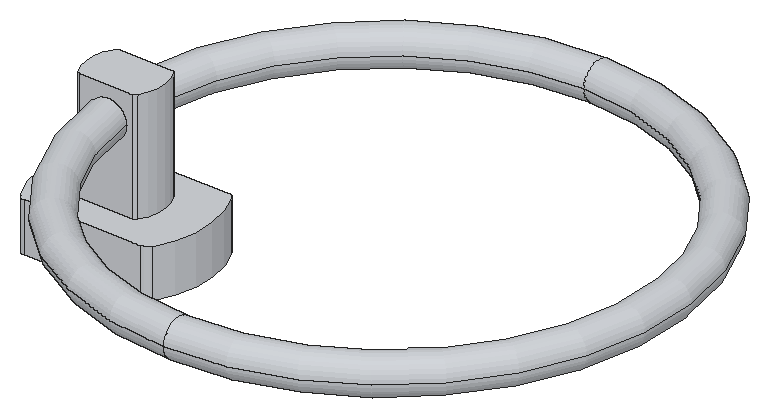
Revit family "01-2558-11 TOALLERO ARO METALICO (EVO) PORTOBELLO", category Plumbing Fixtures, host Face, Revit 2018
Family settings
  Host = Face
  Round Connector Dimension = Use Diameter
  Part Type = Normal
  OmniClass Number = 23.31.11.00
  Cut with Voids When Loaded = No
  Shared = No
  Room Calculation Point = No
Parameters (values of type "01-2558-11")
  Waste Water Outlet = ""
  Metal laton cromado = Metal Laton Cromado
  Link Ficha Tecnica = "http://infotecnica.gricol.com/FT_01255811.pdf"
  Waste Connection = 1 = 0  # no
  Vent Connection = 1 = 0  # no
  URL = "https://www.gricol.com/"
  Type Image = <None>
  Product Name = "TOALLERO ARO METALICO (EVO) PORTOBELLO"  # constant formula
  Profundidad = 49.0 mm
  Ancho Soporte = 33.0 mm
  Alto = 172.0 mm
  Alto Soporte = 48.5 mm
  Model = "01-2558-11"  # constant formula
  Manufacturer = "Gricol"  # constant formula
  HW Connection = 1 = 1  # yes
  Description = "Toallero "  # constant formula
  Default Elevation = 0.0 mm
  Date Modified = ""
  Date Created = "05/28/2020"  # constant formula
  Copyright = "All rights reserved © Gricol - 2020."  # constant formula
  CW Connection = 1 = 1  # yes
  Assembly Code = ""
Reference planes
  plane 1 "Center (Front/Back)": y = 0
  plane 2: z = 0
  plane 3 "Center (Left/Right)": x = 0
  plane 4: x = -24.219
  plane 5: x = 24.281
  plane 6: y = 16.5
  plane 7: y = -16.5
  plane 8: z = 49
  plane 9: x = -5.687
  plane 10: x = 166.313
Dimensions and locks
  "Alto Soporte": plane 4 to plane 5
  "Ancho Soporte": plane 7 to plane 6
  "Profundidad": plane 8 to level
  "Alto": plane 9 to plane 10
  plane 8 to level = 49.0 mm
  aligned and locked: plane 2 to host face
  aligned and locked: level to host face
Automatic sketch dimensions
  host sketch curve to host sketch curve = 278.861 mm
  host sketch curve to host sketch curve = 199.499 mm
Nested families
  nested 1: "TOALLERO ARO METALICO (EVO) PORTOBELLO" at (0, 0, 0) x (0, 1, 0) z (0, 0, 1), type "TOALLERO ARO METALICO (EVO) PORTOBELLO"
Definition of nested family "TOALLERO ARO METALICO (EVO) PORTOBELLO"
  Parameters (values of type "TOALLERO ARO METALICO (EVO) PORTOBELLO")
    Profundidad brazo = 75.0 mm
    Material = none
    Diametro = 109.0 mm
    Ancho brazo = 22.0 mm
    Alto brazo = 22.0 mm
    Alto jabonera = 37.0 mm
  Reference planes
    plane 1 "Center (Front/Back)": y = 0
    plane 2: z = 0
    plane 3 "Center (Left/Right)": x = 0
    plane 4: y = 5.869
    plane 5: y = -166.131
    plane 6 "ARO": z = 49
  Forms (mm)
    Extrusion 1, solid
      sketch origin (12.885, 23.453, 0) x (-1, 0, 0) y (0, -1, 0)
        loop
          line (-3.615, 41.106) -> (-3.615, 5.799)
          arc (-3.615, 5.799) -> (-3.211, 4.296) -> (-2.107, 3.197) r 3
          arc (-2.107, 3.197) -> (12.885, -0.797) -> (27.878, 3.197) r 30.134
          arc (27.878, 3.197) -> (28.981, 4.296) -> (29.385, 5.799) r 3
          line (29.385, 5.799) -> (29.385, 41.106)
          arc (29.385, 41.106) -> (28.981, 42.61) -> (27.878, 43.708) r 3
          arc (27.878, 43.708) -> (12.885, 47.703) -> (-2.107, 43.708) r 30.134
          arc (-2.107, 43.708) -> (-3.211, 42.61) -> (-3.615, 41.106) r 3
      from 0 to 15
    Extrusion 2, solid
      sketch origin (12.885, 23.453, 0) x (-1, 0, 0) y (0, -1, 0)
        loop
          line (5.401, 31.46) -> (5.401, 15.445)
          arc (5.401, 15.445) -> (5.584, 14.763) -> (6.085, 14.265) r 1.361
          arc (6.085, 14.265) -> (12.885, 12.453) -> (19.686, 14.265) r 13.669
          arc (19.686, 14.265) -> (20.186, 14.763) -> (20.369, 15.445) r 1.361
          line (20.369, 15.445) -> (20.369, 31.46)
          arc (20.369, 31.46) -> (20.186, 32.142) -> (19.686, 32.64) r 1.361
          arc (19.686, 32.64) -> (12.885, 34.452) -> (6.085, 32.64) r 13.669
          arc (6.085, 32.64) -> (5.584, 32.142) -> (5.401, 31.46) r 1.361
      from 15 to 49
    Sweep 3, solid
      path origin (0, 0, 49) x (1, 0, 0) y (0, 1, 0)
        loop
          circle (0, -80.316) r 86
      profile origin (0, 5.684, 49) x (0, -1, 0) y (0, 0, 1)
        loop
          circle (5.684, -9.182) r 5.684
  Dimensions and locks
    plane 4 to plane 5 = 172.0 mm
    level to plane 6 "ARO" = 49.0 mm
    plane 6 "ARO" to level = 49.0 mm
    aligned and locked: plane 2 to level
